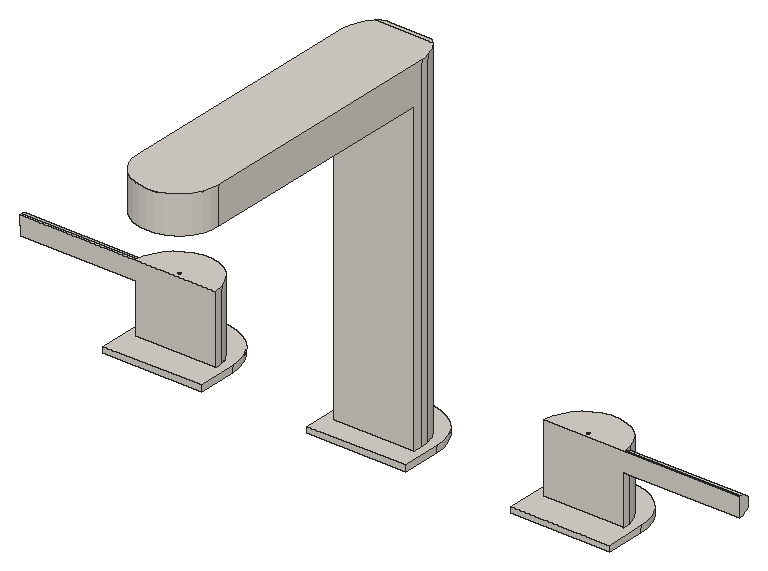
Revit family "Faucet-Lavatory-Grohe-Plus-20302_Series", category Plumbing Fixtures, Revit 2019
Family settings
  Round Connector Dimension = Use Diameter
  Part Type = Normal
  OmniClass Number = 23.45.55.17
  OmniClass Title = Mixing Faucets
  Work Plane-Based = Yes
  Always vertical = No
  Cut with Voids When Loaded = No
  Shared = Yes
  Room Calculation Point = No
Parameters (values of type "20302EN3")
  cUPC Compliant = yes
  Width = 5 1/16"  # constant formula
  Waste Connection = no
  Warranty Documentation Link = "https://cdn.cloud.grohe.com/tpi/1000/1900/1940/1949/1949006/original/1949006.pdf"
  WFU = 2  # constant formula
  Vent Connection = no
  URL = "http://www.grohe.com/ca-en/"
  Type Comments = "Metal lever handle, 1/2\" (13mm) ceramic cartridge (90° turn), GROHE StarLight chrome finish, GROHE EcoJoy, GROHE AquaGuide adjustable flow control, GROHE QuickFix rapid installation system, Spout with flow control, Includes waste-set drain assembly, Pressure resistant flexible connection hoses (between spout and side valves), Max flow rate: 4.56 L/min (1.2 gpm)"
  Shipping Weight = 5.86 lbf
  Revised Date = "03/30/2021"  # constant formula
  Product Page URL = "https://www.grohe.us/Widespread-Faucets/8-inch-Widespread-2-Handle-L-Size-Bathroom-Faucet-12-GPM/GROHE-BRUSHED-NICKEL-20302EN3"
  Product Documentation Link = "https://americanstandard.box.com/shared/static/ver8rub1vt6q8vvwcbl78u4wddz0zr9x.pdf"
  Price = "Prices may vary. Please consult Manufacturer Representative for most up-to-date price list."  # constant formula
  Model = "20302EN3"
  Material = "Metal-Grohe-EN3-Brushed Nickel Infinity Finish"
  Manufacturer = "Grohe"
  Length = 8"
  Installation Type = "Deck-Mounted"
  Installation Instruction Link = "https://americanstandard.box.com/shared/static/2hhdy14nyui3jtf3e8zs0d6r14yqmtsy.pdf"
  Hot Water Connection Radius = 3/16"
  Hot Water Connection Diameter = 3/8"
  Height = 6 7/8"  # constant formula
  HWFU = 1.5  # constant formula
  HW Connection = yes
  Flow Rate = "1.2 gpm (4.56 L/min)"
  Finish = Metal-Grohe-EN3-Brushed Nickel Infinity Finish
  Description = "Plus 8-Inch Widespread 2-Hnadle L-Size Bathroom Faucet 1.2GPM"  # constant formula
  Default Elevation = 0"
  Creation Date = "1/23/2017"  # constant formula
  Cold Water Connection Radius = 3/16"
  Cold Water Connection Diameter = Cold Water Connection Radius * 2  # 3/8"
  CalGreen Compliant = yes
  CWFU = 1.5  # constant formula
  CW Connection = yes
  Assembly Code = "D2020300"
  ADA Compliant = yes
Types (3): name | Shipping Weight | Product Page URL | Model | Material | Finish
  (no name) | 5.86 lbf | "https://www.grohe.us/Widespread-Faucets/8-inch-Widespread-2-Handle-L-Size-Bathroom-Faucet-12-GPM/GROHE-BRUSHED-NICKEL-20302EN3" | "20302EN3" | "Metal-Grohe-EN3-Brushed Nickel Infinity Finish" | Metal-Grohe-EN3-Brushed Nickel Infinity Finish
  20302003 | 8.40 lbf | "https://www.grohe.us/Widespread-Faucets/8-inch-Widespread-2-Handle-L-Size-Bathroom-Faucet-12-GPM/GROHE-CHROME-20302003" | "20302003" | "Metal-Grohe-003-StarLight Chrome" | Metal-Grohe-003-StarLight Chrome
  20302EN3 | 5.86 lbf | "https://www.grohe.us/Widespread-Faucets/8-inch-Widespread-2-Handle-L-Size-Bathroom-Faucet-12-GPM/GROHE-BRUSHED-NICKEL-20302EN3" | "20302EN3" | "Metal-Grohe-EN3-Brushed Nickel Infinity Finish" | Metal-Grohe-EN3-Brushed Nickel Infinity Finish
Reference planes (in)
  plane 1 "Center (Front/Back)": y = 0
  plane 2: z = 0
  plane 3 "Center (Left/Right)": x = 0
  plane 4: x = 4
  plane 5: x = -4
  plane 6: x = 1.09375
  plane 7: x = -1.09375
  plane 8: x = -0.81909
  plane 9: x = 0.81909
  plane 10: y = -5.77806
  plane 11: y = -5.0625
  plane 12: z = 6.0625
  plane 13: z = 6.875
  plane 14: x = -3.03125
  plane 15: z = 1.04693
Forms (in)
  Sweep 1, solid, material "Metal-Grohe-EN3-Brushed Nickel Infinity Finish" <- "Finish"
    path origin (0, -0.15625, -0.84375) x (0, 1, 0) y (0, 0, 1)
      loop
        line (1.10498, 2.46319) -> (0.76756, 1.00163)
    profile origin (0, 0.78002, 0.88866) x (0, 0.97437, -0.224951) y (1, 0, 0)
      loop
        circle (0, 0) r 0.09054
  Extrusion 2, void
    sketch origin (0, 6.75, 2.6875) x (0, 1, 0) y (0, 0, 1)
      loop
        line (-5.73739, 3.79604) -> (-5.73739, 4.55384) -> (-7.12112, 4.55384) -> (-7.12112, 4.18785) -> (-6.20064, 4.18785)
        arc (-6.20064, 4.18785) -> (-6.07971, 4.15666) -> (-5.98893, 4.07089) r 0.25017
        line (-5.98893, 4.07089) -> (-5.73739, 3.79604)
    from -1.04996 to 1.17237
  Revolve 3, solid, material "Metal-Grohe-EN3-Brushed Nickel Infinity Finish" <- "Finish"
    sketch origin (0, 0.68013, 4.07544) x (0, 0.97437, 0.224951) y (0, -0.224951, 0.97437)
      loop
        line (-4.49921, 3.561) -> (-4.94347, 3.69683) -> (-5.09178, 3.21174) -> (-4.7861, 3.10648) -> (-4.77696, 3.13637) -> (-4.74741, 3.12619) -> (-4.75655, 3.09631) -> (-4.69849, 3.07856)
        arc (-4.69849, 3.07856) -> (-4.66076, 3.08219) -> (-4.63665, 3.11144) r 0.04952
        line (-4.63665, 3.11144) -> (-4.49921, 3.561)
      axis (-5.0954, 3.1999) -> (-4.94347, 3.69683)
    angle from 0 to 360
  Extrusion 4, solid, material "Metal-Grohe-EN3-Brushed Nickel Infinity Finish" <- "Finish"
    sketch origin (0, 0, 0) x (1, 0, 0) y (0, 1, 0)
      loop
        line (0.7848, -0.18213) -> (0.7848, 0.02092)
        arc (0.7848, 0.02092) -> (0.77907, 0.1106) -> (0.76198, 0.19882) r 0.70461
        arc (0.76198, 0.19882) -> (0, 0.78749) -> (-0.76198, 0.19882) r 0.78749
        arc (-0.76198, 0.19882) -> (-0.77907, 0.1106) -> (-0.7848, 0.02092) r 0.70461
        line (-0.7848, 0.02092) -> (-0.7848, -0.18213) -> (0.7848, -0.18213)
    from 0 to 6.99271
  Extrusion 5, solid, material "Metal-Grohe-EN3-Brushed Nickel Infinity Finish" <- "Finish"
    sketch origin (0, 0, 0) x (1, 0, 0) y (0, 1, 0)
      loop
        line (-0.7848, -0.18213) -> (-0.7848, -5.77806) -> (0.7848, -5.77806) -> (0.7848, -0.18213) -> (-0.7848, -0.18213)
    from 6.14851 to 6.875
  Extrusion 6, void
    sketch origin (0, 0, 0) x (1, 0, 0) y (0, 1, 0)
      loop
        line (-0.7848, -4.95745) -> (-0.86675, -4.95745) -> (-0.86675, -5.90082) -> (0.88325, -5.90082) -> (0.88325, -4.95745) -> (0.7848, -4.95745)
        arc (0.7848, -4.95745) -> (0, -5.74225) -> (-0.7848, -4.95745) r 0.7848
    from 5.99987 to 6.87535
  Extrusion 7, solid, material "Metal-Grohe-EN3-Brushed Nickel Infinity Finish" <- "Finish"
    sketch origin (-4, 0, 0) x (1, 0, 0) y (0, 1, 0)
      loop
        arc (0.76198, 0.14413) -> (0, 0.7328) -> (-0.76198, 0.14413) r 0.78749
        arc (-0.76198, 0.14413) -> (-0.77907, 0.05591) -> (-0.7848, -0.03376) r 0.70461
        line (-0.7848, -0.03376) -> (0.7848, -0.03376)
        arc (0.7848, -0.03376) -> (0.77907, 0.05591) -> (0.76198, 0.14413) r 0.70461
    from 0 to 1.43578
  Extrusion 8, solid, material "Metal-Grohe-EN3-Brushed Nickel Infinity Finish" <- "Finish"
    sketch origin (0, 0, 0) x (0, 1, 0) y (0, 0, 1)
      loop
        line (-0.03376, 1.43578) -> (-0.03376, 1.07037) -> (0, 1.07037)
        arc (0, 1.07037) -> (0.18271, 1.25308) -> (0, 1.43578) r 0.18271
        line (0, 1.43578) -> (-0.03376, 1.43578)
    from -7.04311 to -4.50946
  Extrusion 9, solid, material "Plastic-Grohe-Glossy Red"
    sketch origin (0, 0, 0) x (1, 0, 0) y (0, 1, 0)
      loop
        circle (-4, 0.06332) r 0.02114
    from 1.42815 to 1.44034
  Extrusion 10, solid, material "Metal-Grohe-EN3-Brushed Nickel Infinity Finish" <- "Finish"
    sketch origin (4, 0, 0) x (-1, 0, 0) y (0, -1, 0)
      loop
        arc (0.76198, -0.14413) -> (0.77907, -0.05591) -> (0.7848, 0.03376) r 0.70461
        line (0.7848, 0.03376) -> (-0.7848, 0.03376)
        arc (-0.7848, 0.03376) -> (-0.77907, -0.05591) -> (-0.76198, -0.14413) r 0.70461
        arc (-0.76198, -0.14413) -> (0, -0.7328) -> (0.76198, -0.14413) r 0.78749
    from 0 to 1.43578
  Extrusion 11, solid, material "Plastic-Grohe-Glossy Blue"
    sketch origin (0, 0, 0) x (-1, 0, 0) y (0, -1, 0)
      loop
        circle (-4, -0.06332) r 0.02114
    from 1.42815 to 1.44034
  Extrusion 12, solid, material "Metal-Grohe-EN3-Brushed Nickel Infinity Finish" <- "Finish"
    sketch origin (0, -0.15625, 0) x (1, 0, 0) y (0, 1, 0)
      loop
        line (-3.03125, -0.45915) -> (-3.03125, 0.30389)
        arc (-3.03125, 0.30389) -> (-4, 1.27264) -> (-4.96875, 0.30389) r 0.96875
        line (-4.96875, 0.30389) -> (-4.96875, -0.45915) -> (-3.03125, -0.45915)
      loop
        line (0.96875, -0.45915) -> (0.96875, 0.30389)
        arc (0.96875, 0.30389) -> (0, 1.27264) -> (-0.96875, 0.30389) r 0.96875
        line (-0.96875, 0.30389) -> (-0.96875, -0.45915) -> (0.96875, -0.45915)
      loop
        line (4.96875, -0.45915) -> (4.96875, 0.30389)
        arc (4.96875, 0.30389) -> (4, 1.27264) -> (3.03125, 0.30389) r 0.96875
        line (3.03125, 0.30389) -> (3.03125, -0.45915) -> (4.96875, -0.45915)
    from 0 to 0.11153
  Extrusion 13, solid, material "Metal-Grohe-EN3-Brushed Nickel Infinity Finish" <- "Finish"
    sketch origin (0, 0, 0) x (0, 1, 0) y (0, 0, -1)
      loop
        line (-0.03376, -1.43578) -> (0, -1.43578)
        arc (0, -1.43578) -> (0.18271, -1.25308) -> (0, -1.07037) r 0.18271
        line (0, -1.07037) -> (-0.03376, -1.07037) -> (-0.03376, -1.43578)
    from -7.04311 to -4.50946
Cuts and joins
  Extrusion 2, Extrusion 6 cuts Extrusion 4
  Extrusion 6 cuts Extrusion 5
  joined: Extrusion 4, Extrusion 5
  joined: Extrusion 7, Extrusion 8
  joined: Extrusion 10, Extrusion 13
Lines and regions (in)
  Masking region 1
    outline origin (0, 0, 0) x (1, 0, 0) y (0, 1, 0)
      loop
        arc (-0.7126, -5.08038) -> (0, -5.78255) -> (0.7126, -5.08038) r 0.71268
        line (0.7126, -5.08038) -> (0.77842, -0.6154) -> (0.96875, -0.6154) -> (0.96875, 0.14764)
        arc (0.96875, 0.14764) -> (0, 1.11639) -> (-0.96875, 0.14764) r 0.96875
        line (-0.96875, 0.14764) -> (-0.96875, -0.6154) -> (-0.77842, -0.6154) -> (-0.7126, -5.08038)
      loop
        arc (-3.03097, 0.15933) -> (-3.99979, 1.12815) -> (-4.96861, 0.15933) r 0.96882
        line (-4.96861, 0.15933) -> (-7.04311, 0.15933) -> (-7.04311, -0.03376) -> (-4.96875, -0.03376) -> (-4.96875, -0.6154) -> (-3.03097, -0.6154) -> (-3.03097, 0.15933)
      loop
        line (3.03097, 0.15933) -> (3.03097, -0.6154) -> (4.96875, -0.6154) -> (4.96875, -0.03376) -> (7.04311, -0.03376) -> (7.04311, 0.15933) -> (4.96861, 0.15933)
        arc (4.96861, 0.15933) -> (3.99979, 1.12815) -> (3.03097, 0.15933) r 0.96882
  symbolic lines, detail levels medium+fine
    curve 1: arc (-0.08396, 0.783, 0) -> (-0.53946, 0.57369, 0) -> (-0.77636, 0.1319, 0) r 0.78749
    curve 2: arc (0.08313, 0.78309, 0) -> (0.58549, 0.52663, 0) -> (0.78749, 0, 0) r 0.78749
    curve 3: line (0.77636, -0.75476, 0) -> (0.78749, 0, 0)
    curve 5: line (-7.04311, -0.03376, 0) -> (-3.2152, -0.03376, 0)
    curve 6: arc (-3.23802, 0.14413, 0) -> (-3.99212, 0.73276, 0) -> (-4.75785, 0.15933, 0) r 0.78749
    curve 7: arc (-3.2152, -0.03376, 0) -> (-3.22093, 0.05591, 0) -> (-3.23802, 0.14413, 0) r 0.70461
    curve 8: arc (0.76198, 0.19882, 0) -> (0, 0.78749, 0) -> (-0.76198, 0.19882, 0) r 0.78749
    curve 9: line (-4.75785, 0.15933, 0) -> (-4.96861, 0.15933, 0)
    curve 10: line (7.04311, -0.03376, 0) -> (3.2152, -0.03376, 0)
    curve 11: arc (3.23802, 0.14413, 0) -> (3.99212, 0.73276, 0) -> (4.75785, 0.15933, 0) r 0.78749
    curve 12: arc (3.2152, -0.03376, 0) -> (3.22093, 0.05591, 0) -> (3.23802, 0.14413, 0) r 0.70461
    curve 13: line (4.75785, 0.15933, 0) -> (4.96861, 0.15933, 0)
    curve 14: line (-0.77636, -0.75476, 0) -> (-0.77636, 0.1319, 0)
  symbolic lines, detail levels fine
    curve 4: arc (-0.08396, 0.783, 0) -> (-0.00042, 0.78749, 0) -> (0.08313, 0.78309, 0) r 0.78749
Dimensions and locks (in)
  "Length": plane 5 to plane 4
  plane 7 to plane 6 = 2 3/16"
  equal spacing: plane 5, plane 3 "Center (Left/Right)", plane 4
  "Height": level to plane 13
  plane 12 to level = 6 1/16"
  "Width": plane 1 "Center (Front/Back)" to plane 11
  plane 5 to plane 14 = 31/32"
  aligned and locked: Extrusion 12 sketch curve to plane 14
Automatic sketch dimensions
  level to Sweep 1 sketch curve = 0.15788"
  Sweep 1 sketch curve to plane 1 "Center (Front/Back)" = 0.61131"
  Sweep 1 sketch curve to plane 1 "Center (Front/Back)" = 0.94873"
  Sweep 1 sketch curve to profile plane = 0"  (x2)
  Extrusion 2 sketch curve to plane 13 = 0.00035"
  plane 1 "Center (Front/Back)" to Extrusion 2 sketch curve = 0.37112"
  Extrusion 2 sketch curve to plane 1 "Center (Front/Back)" = 0.54932"
  Extrusion 2 sketch curve to Extrusion 2 sketch curve = 0.00004"
  plane 13 to Extrusion 2 sketch curve = 0.11661"
  Extrusion 2 sketch curve to Extrusion 2 sketch curve = 0.21171"
  Extrusion 2 sketch curve to Extrusion 2 sketch curve = 0.25154"
  Extrusion 2 sketch curve to Extrusion 2 sketch curve = 0.27486"
  Extrusion 2 sketch curve to plane 13 = 0.36634"
  Revolve 3 sketch curve to plane 12 = 0.00304"
  Revolve 3 sketch curve to plane 11 = 0.05887"
  Revolve 3 sketch curve to Revolve 3 sketch curve = 0.14831"
  Revolve 3 sketch curve to Revolve 3 sketch curve = 0.30568"
  Revolve 3 sketch curve to Revolve 3 sketch curve = 0.00914"
  Revolve 3 sketch curve to Revolve 3 sketch curve = 0.02955"  (x2)
  Revolve 3 sketch curve to Revolve 3 sketch curve = 0.05806"
  Revolve 3 sketch curve to Revolve 3 sketch curve = 0.01448"  (x2)
  Revolve 3 sketch curve to Revolve 3 sketch curve = 0.04736"
  Revolve 3 sketch curve to Revolve 3 sketch curve = 0.44427"
  Revolve 3 sketch curve to Revolve 3 sketch curve = 0.07537"
  Revolve 3 sketch curve to Revolve 3 sketch curve = 0.01017"
  Revolve 3 sketch curve to Revolve 3 sketch curve = 0.00028"
  Revolve 3 sketch curve to Revolve 3 sketch curve = 0.02988"
  Revolve 3 sketch curve to Revolve 3 sketch curve = 0.03091"
  Revolve 3 sketch curve to Revolve 3 sketch curve = 0.01632"
  Revolve 3 sketch curve to Revolve 3 sketch curve = 0.10112"
  Revolve 3 sketch curve to Revolve 3 sketch curve = 0.05337"
  plane 1 "Center (Front/Back)" to Extrusion 4 sketch curve = 0"
  Extrusion 4 sketch curve to plane 3 "Center (Left/Right)" = 0"
  Extrusion 4 sketch curve to plane 1 "Center (Front/Back)" = 0.02092"  (x2)
  Extrusion 4 sketch curve to plane 3 "Center (Left/Right)" = 0.08019"
  plane 8 to Extrusion 4 sketch curve = 0.03429"
  plane 3 "Center (Left/Right)" to Extrusion 4 sketch curve = 0.08019"
  plane 9 to Extrusion 4 sketch curve = 0.03429"
  plane 1 "Center (Front/Back)" to Extrusion 4 sketch curve = 0.18213"
  Extrusion 4 sketch curve to Extrusion 4 sketch curve = 0"
  Extrusion 5 sketch curve to plane 10 = 0"
  plane 8 to Extrusion 5 sketch curve = 0.03429"
  plane 9 to Extrusion 5 sketch curve = 0.03429"
  plane 1 "Center (Front/Back)" to Extrusion 5 sketch curve = 0.18213"
  Extrusion 6 sketch curve to plane 3 "Center (Left/Right)" = 0"
  plane 8 to Extrusion 6 sketch curve = 0.03429"
  Extrusion 6 sketch curve to plane 8 = 0.04766"
  Extrusion 6 sketch curve to plane 9 = 0.06416"
  Extrusion 6 sketch curve to plane 10 = 0.12276"
  Extrusion 6 sketch curve to plane 11 = 0.10505"
  Extrusion 7 sketch curve to plane 5 = 0"
  plane 5 to Extrusion 7 sketch curve = 0.08019"
  plane 1 "Center (Front/Back)" to Extrusion 7 sketch curve = 0.03376"
  Extrusion 7 sketch curve to plane 5 = 0.08019"
  Extrusion 7 sketch curve to plane 14 = 0.18395"
  plane 1 "Center (Front/Back)" to Extrusion 7 sketch curve = 7/128"
  Extrusion 7 sketch curve to Extrusion 7 sketch curve = 0"
  Extrusion 8 sketch curve to plane 1 "Center (Front/Back)" = 0"
  plane 1 "Center (Front/Back)" to Extrusion 8 sketch curve = 0.03376"
  plane 15 to Extrusion 8 sketch curve = 3/128"
  Extrusion 8 sketch curve to Extrusion 8 sketch curve = 0.18271"
  Extrusion 9 sketch curve to plane 5 = 0"
  Extrusion 9 sketch curve to plane 1 "Center (Front/Back)" = 0.06332"
  Extrusion 10 sketch curve to plane 4 = 0"
  Extrusion 10 sketch curve to plane 4 = 0.08019"
  Extrusion 10 sketch curve to plane 1 "Center (Front/Back)" = 0.03376"
  Extrusion 10 sketch curve to Extrusion 10 sketch curve = 0.70461"
  plane 4 to Extrusion 10 sketch curve = 0.08019"
  Extrusion 10 sketch curve to plane 1 "Center (Front/Back)" = 7/128"
  Extrusion 10 sketch curve to Extrusion 10 sketch curve = 0"
  Extrusion 11 sketch curve to plane 4 = 0"
  plane 1 "Center (Front/Back)" to Extrusion 11 sketch curve = 0.06332"
  Extrusion 12 sketch curve to plane 3 "Center (Left/Right)" = 0"
  Extrusion 12 sketch curve to plane 4 = 0"
  Extrusion 12 sketch curve to plane 7 = 1/8"
  plane 1 "Center (Front/Back)" to Extrusion 12 sketch curve = 0.6154"  (x3)
  Extrusion 12 sketch curve to plane 1 "Center (Front/Back)" = 0.14764"  (x3)
  Extrusion 13 sketch curve to plane 1 "Center (Front/Back)" = 0"
  plane 1 "Center (Front/Back)" to Extrusion 13 sketch curve = 0.03376"
  Extrusion 13 sketch curve to Extrusion 13 sketch curve = 0.18271"
  Masking region 1 sketch curve to plane 3 "Center (Left/Right)" = 0"  (x2)
  Masking region 1 sketch curve to plane 5 = 0.00021"
  Masking region 1 sketch curve to plane 7 = 1/8"
  plane 8 to Masking region 1 sketch curve = 0.04068"
  plane 11 to Masking region 1 sketch curve = 0.01788"  (x2)
  plane 8 to Masking region 1 sketch curve = 0.10649"
  plane 9 to Masking region 1 sketch curve = 0.04068"
  Masking region 1 sketch curve to plane 4 = 0.00021"
  Masking region 1 sketch curve to Masking region 1 sketch curve = 0.00014"  (x2)
  plane 1 "Center (Front/Back)" to Masking region 1 sketch curve = 0.03376"  (x2)
  Masking region 1 sketch curve to Masking region 1 sketch curve = 2.07436"  (x2)
  plane 11 to Masking region 1 sketch curve = 0.00737"
  plane 1 "Center (Front/Back)" to Masking region 1 sketch curve = 0.6154"  (x3)
  Masking region 1 sketch curve to Masking region 1 sketch curve = 0.58164"
  Masking region 1 sketch curve to plane 1 "Center (Front/Back)" = 0.14764"
  Masking region 1 sketch curve to plane 1 "Center (Front/Back)" = 0.15933"  (x2)
  plane 15 to Sweep 1 sketch curve = 0.5725"
  plane 5 to Masking region 1 sketch curve = 0.96861"
  Masking region 1 sketch curve to plane 4 = 0.96903"
  Extrusion 7 sketch curve to Extrusion 7 sketch curve = 0.70461"
  Extrusion 10 sketch curve to Extrusion 10 sketch curve = 0.02283"
  Extrusion 12 sketch curve to plane 5 = 0"
  Extrusion 12 sketch curve to Extrusion 12 sketch curve = 31/32"
  plane 15 to Extrusion 13 sketch curve = 0.38885"
  curve 1 to curve 2 = 0"  (x2)
  curve 1 to curve 8 = 0"
  curve 2 to curve 4 = 0"  (x2)
  curve 4 to curve 8 = 0"
  curve 6 to plane 5 = 0"
  plane 1 "Center (Front/Back)" to curve 4 = 0"
  curve 4 to plane 3 "Center (Left/Right)" = 0"
  curve 11 to plane 4 = 0"
  curve 9 to plane 1 "Center (Front/Back)" = 0.15933"
  plane 5 to curve 9 = 0.75785"
  plane 1 "Center (Front/Back)" to curve 7 = 0.03376"
  curve 7 to plane 5 = 0.08019"
  curve 5 to plane 14 = 0.18395"
  plane 9 to curve 3 = 0.0316"
  plane 1 "Center (Front/Back)" to curve 10 = 0.03376"
  curve 10 to plane 4 = 0.7848"
  curve 12 to plane 4 = 0.08019"
  curve 13 to plane 1 "Center (Front/Back)" = 0.15933"
  plane 4 to curve 13 = 0.75785"
  plane 1 "Center (Front/Back)" to curve 11 = 7/128"
  plane 1 "Center (Front/Back)" to curve 6 = 7/128"
  curve 9 to curve 6 = 0.21076"
  curve 5 to curve 9 = 2.0745"
  plane 8 to curve 1 = 0.04273"
  plane 8 to curve 8 = 0.05711"
  curve 1 to plane 3 "Center (Left/Right)" = 0.08396"
  plane 3 "Center (Left/Right)" to curve 4 = 0.08313"
  plane 9 to curve 8 = 0.05711"
  plane 9 to curve 3 = 0.04273"
  curve 11 to curve 13 = 0.21076"
  curve 13 to curve 10 = 2.0745"
  plane 1 "Center (Front/Back)" to curve 3 = 0.75476"
  plane 1 "Center (Front/Back)" to curve 14 = 0.75476"
  curve 14 to curve 8 = 0.06691"
  radius of Sweep 1 sketch curve = 0.09054"
  radius of Extrusion 9 sketch curve = 0.02114"
  radius of Extrusion 11 sketch curve = 0.02114"
Connectors (in)
  piping at (-4, 0.05518, 0), diameter 0.375, driven by "Hot Water Connection Diameter", driven by "HWFU"
    settings: on cut or joined group of Extrusion 7, Extrusion 8, index 1, connector inside diameter 24", connector length 0", flow factor 0, pipe flow 0 GPM, pressure drop 0.00 psi, fitting loss kfactor 0, connector angle 0.00°, fixture units 1.5, engagement length 0", angle of deflection 0.00°, flow configuration 3, flow direction 1, fitting loss method 0, system type 19, joint type 0, gender type 0, connector reference index -1, connector utility 0, adjustable connector no, is connector primary yes, connector description "3/8\" HW Inlet supply"
  piping at (4, 0.05518, 0), diameter 0.375, driven by "Cold Water Connection Diameter", driven by "CWFU"
    settings: on cut or joined group of Extrusion 10, Extrusion 13, index 2, connector inside diameter 24", connector length 0", flow factor 0, pipe flow 0 GPM, pressure drop 0.00 psi, fitting loss kfactor 0, connector angle 0.00°, fixture units 1.5, engagement length 0", angle of deflection 0.00°, flow configuration 3, flow direction 1, fitting loss method 0, system type 20, joint type 0, gender type 0, connector reference index -1, connector utility 0, adjustable connector no, is connector primary no, connector description "3/8\" CW Inlet supply"
